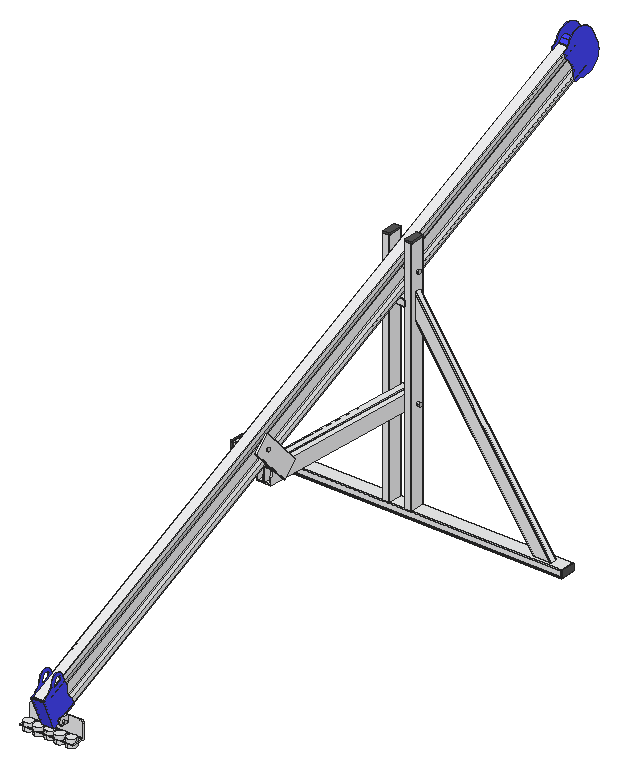
Revit family "FallProtection_RopeAccessNeedle_Kattsafe_1200AFrame", category Specialty Equipment, Revit 2025
Family settings
  Round Connector Dimension = Use Diameter
  Part Type = Normal
  OmniClass Number = 23.27.71.21
  Work Plane-Based = No
  Enable Cutting in Views = No
  Always vertical = Yes
  Cut with Voids When Loaded = No
  Maintain Annotation Orientation = No
  Shared = No
  Room Calculation Point = No
Parameters (values of type "1200 Cantilever - Horizontal Trolley (OH412.1200 + OH448A)")
  Uniclass2015Version = "Products v1.23"
  Uniclass2015Title = "Davit arms"
  Uniclass2015Code = "Pr_40_70_75_21"
  URL = "https://kattsafe.com.au/"
  Type IFC Predefined Type = "USERDEFINED"
  Type Comments = "1200mm A-Frame - 1200mm Extension - Horizontal Trolley Rear Attachment"
  TrolleyAlignOffset = 15 mm
  SafetyDisclaimer [instance] = "WARNING! The correct placement of access, fall protection and facade maintenance systems is critical to ensure it is fit-for-purpose and safe for the operator to use. Did you know Kattsafe® have a dedicated team of Height Safety System Design Specialists? Kattsafe® provide one-on-one consultation and system design assistance to ensure you are meeting the stringent requirements of height safety and to give you PEACE OF MIND with your project."  # constant formula
  RearMemberFixingPointCalc = RearBeamHeight / 2 - 20 mm  # 70 mm
  RearBeamWidth = if(ExtendableBoom, 70 mm, 60 mm)  # 60 mm
  RearBeamHeight = if(ExtendableBoom, 190 mm, 180 mm)  # 180 mm
  RearBeamAngledHeightCalc = RearBeamHeight - 20 mm  # 160 mm
  RearAttachmentType = Rearattachment_Kattsafe_Needle : Horizontal Trolley (OH448A)
  ModifiedIssue = 20240430
  Model = "OH412.12 + OH448A"
  Material = Aluminum_Kattsafe_Satin
  ManufacturerURLProductSpecific = "https://kattsafe.com.au/products/davits-needles/needles"
  ManufacturerSpecCode = Model  # "OH412.12 + OH448A"
  ManufacturerOverallWidth = 1817 mm  # constant formula
  ManufacturerHeightFromFFL [instance] = 0 mm
  Manufacturer = "Kattsafe®"  # constant formula
  MainBoomCenterExtension = if([1500Extension], 1045 mm, if([1800Extension], 1225 mm, 0 mm))  # 0 mm
  IfcExportType = "USERDEFINED"
  IfcExportAs = "IfcBuildingElementProxyType"
  NeedleFullyRetracted [instance] = not(NeedleFullyExtended)  # yes
  NeedleFullyExtended [instance] = no
  FramePinHeight = 1206 mm  # constant formula
  RearFixingHeight = 42 mm
  ExtendedBraceLengthCalc = if(1 = 1, BraceLength - 50 mm, 0 mm)  # 950 mm
  ExtendableBoom = not([1200Extension])  # no
  Export Type to IFC As = "IfcBuildingElementProxyType"
  ElementType = "Fall Protection"
  DesiredHeightOffset [instance] = 1206 mm
  DesiredBackspanLength [instance] = 2400 mm
  Description = "Kattsafe needles are designed for rope access on roofs where the load needs to be spread to avoid damaging the roof area, and for roofs with no parapets."  # constant formula
  Default Elevation = 0 mm
  CreatedByURL = "https://igsgroup.com.au"
  CreatedBy = "IGS BIM Solutions"  # constant formula
  CantileverSizeSelector = 1
  BracePinHeight = 512 mm  # constant formula
  BraceLength = if([1500Extension], 1200 mm, if([1800Extension], 1500 mm, 1000 mm))  # 1000 mm
  Assembly Code = "E1090100"
  ActualHeightOffset [instance] = if(DesiredHeightOffset < RearFixingHeight + (RearBeamHeight / 2), RearFixingHeight + (RearBeamHeight / 2), DesiredHeightOffset)  # 1206 mm
  ActualCantileverLength [instance] = if([1200Extension], 1330 mm, if(and([1500Extension], NeedleFullyRetracted), 1340 mm, if(and([1500Extension], NeedleFullyExtended), 1590 mm, if(and([1800Extension], NeedleFullyRetracted), 1570 mm, 1820 mm))))  # 1330 mm
  ActualBackspanLength [instance] = if(DesiredBackspanLength < ActualCantileverLength * 1.5, ActualCantileverLength * 1.5, if(DesiredBackspanLength > 6000 mm, 6000 mm, DesiredBackspanLength))  # 2400 mm
  1800Extension = CantileverSizeSelector > 2  # no
  1500Extension = CantileverSizeSelector = 2  # no
  1200Extension = CantileverSizeSelector < 2  # yes
Reference planes
  plane 1 "Center (Front/Back)": y = 0
  plane 2 "Ref. Level": z = 0
  plane 3 "Center (Left/Right)": x = 0
  plane 4 "Left": x = -908.5
  plane 5 "Right": x = 908.5
  plane 6 "FrameBottom": z = 0
  plane 7 "PivotCentre": z = 1206
  plane 8 "ActualHeightOffset": z = 0
  plane 9 "DesiredBackspan": y = -2400
  plane 10 "ActualBackspan": y = -2400
  plane 11 "RearFixingPoint": z = 42
  plane 12 "RearMountAlignVertical": z = 0
  plane 13 "StandFront": y = 40
  plane 14 "StandBack": y = -40
  plane 15 "BaseTop": z = 44.5
  plane 16 "BaseBtm": z = 6
  plane 17 "LeftVertical1": x = -79.5
  plane 18 "LeftVertical2": x = -41
  plane 19 "RightVertical1": x = 41
  plane 20 "RightVertical2": x = 79.5
  plane 21 "FrameTop1": z = 1071
  plane 22 "FrameBottom1": z = 1032.5
  plane 23 "FrameTopOffset": z = 1356.5
  plane 24 "FrameTop": z = 1365
  plane 25 "BracePin": z = 556.5
  plane 26 "LeftFrameOffset": x = -900
  plane 27 "RightFrameOffset": x = 900
  plane 28 "Ref": z = 961
  plane 29 "BottomReference": z = -5
  plane 30 "RearMountAlignHorizontal": y = -2385
Forms (mm)
  Extrusion 1, solid, material "Aluminum_Kattsafe_Satin" <- "Material"
    sketch origin (94.8, 0, 0) x (0, -1, 0) y (0, 0, 1)
      loop
        arc (-37, 44.5) -> (-39.121, 43.621) -> (-40, 41.5) r 3
        line (-40, 41.5) -> (-40, 9)
        arc (-40, 9) -> (-39.121, 6.879) -> (-37, 6) r 3
        line (-37, 6) -> (37, 6)
        arc (37, 6) -> (39.121, 6.879) -> (40, 9) r 3
        line (40, 9) -> (40, 41.5)
        arc (40, 41.5) -> (39.121, 43.621) -> (37, 44.5) r 3
        line (37, 44.5) -> (-37, 44.5)
    from -805.2 to 994.8
  Extrusion 2, solid, material "Plastic_Kattsafe_Black"
    sketch origin (-255.75, 154.25, 0) x (0, 1, 0) y (0, 0, -1)
      loop
        arc (-117.25, -44.5) -> (-115.129, -43.621) -> (-114.25, -41.5) r 3
        line (-114.25, -41.5) -> (-114.25, -9)
        arc (-114.25, -9) -> (-115.129, -6.879) -> (-117.25, -6) r 3
        line (-117.25, -6) -> (-191.25, -6)
        arc (-191.25, -6) -> (-193.371, -6.879) -> (-194.25, -9) r 3
        line (-194.25, -9) -> (-194.25, -41.5)
        arc (-194.25, -41.5) -> (-193.371, -43.621) -> (-191.25, -44.5) r 3
        line (-191.25, -44.5) -> (-117.25, -44.5)
    from 644.25 to 652.75
  Extrusion 3, solid, material "Rubber_Kattsafe_Black"
    sketch origin (0, 0, 0) x (1, 0, 0) y (0, 1, 0)
      loop
        line (900, 37.5) -> (-900, 37.5) -> (-900, -37.5) -> (900, -37.5) -> (900, 37.5)
    from 0 to 6
  Extrusion 4, solid, material "Aluminum_Kattsafe_Satin" <- "Material"
    sketch origin (94.8, 0, 200) x (0, -1, 0) y (0, 0, 1)
      loop
        arc (-37, 871) -> (-39.121, 870.121) -> (-40, 868) r 3
        line (-40, 868) -> (-40, 835.5)
        arc (-40, 835.5) -> (-39.121, 833.379) -> (-37, 832.5) r 3
        line (-37, 832.5) -> (37, 832.5)
        arc (37, 832.5) -> (39.121, 833.379) -> (40, 835.5) r 3
        line (40, 835.5) -> (40, 868)
        arc (40, 868) -> (39.121, 870.121) -> (37, 871) r 3
        line (37, 871) -> (-37, 871)
    from 53.8 to 135.8
  Extrusion 5, solid, material "Steel_Stainless_Kattsafe_Satin"
    sketch origin (0, 0, 0) x (0, 1, 0) y (0, 0, 1)
      loop
        circle (0, 1206) r 8
    from -94 to 94
  Extrusion 6, solid, material "Aluminum_Kattsafe_Satin" <- "Material"
    sketch origin (525.25, 0, 620.05) x (-1, 0, 0) y (0, -1, 0)
      loop
        line (604.75, -37) -> (604.75, 37)
        arc (604.75, 37) -> (603.871, 39.121) -> (601.75, 40) r 3
        line (601.75, 40) -> (569.25, 40)
        arc (569.25, 40) -> (567.129, 39.121) -> (566.25, 37) r 3
        line (566.25, 37) -> (566.25, -37)
        arc (566.25, -37) -> (567.129, -39.121) -> (569.25, -40) r 3
        line (569.25, -40) -> (601.75, -40)
        arc (601.75, -40) -> (603.871, -39.121) -> (604.75, -37) r 3
      loop
        arc (445.75, -37) -> (446.629, -39.121) -> (448.75, -40) r 3
        line (448.75, -40) -> (481.25, -40)
        arc (481.25, -40) -> (483.371, -39.121) -> (484.25, -37) r 3
        line (484.25, -37) -> (484.25, 37)
        arc (484.25, 37) -> (483.371, 39.121) -> (481.25, 40) r 3
        line (481.25, 40) -> (448.75, 40)
        arc (448.75, 40) -> (446.629, 39.121) -> (445.75, 37) r 3
        line (445.75, 37) -> (445.75, -37)
    from -575.55 to 736.45
  Extrusion 7, solid, material "Plastic_Kattsafe_Black"
    sketch origin (525.25, 0, 645.05) x (-1, 0, 0) y (0, -1, 0)
      loop
        line (604.75, -37) -> (604.75, 37)
        arc (604.75, 37) -> (603.871, 39.121) -> (601.75, 40) r 3
        line (601.75, 40) -> (569.25, 40)
        arc (569.25, 40) -> (567.129, 39.121) -> (566.25, 37) r 3
        line (566.25, 37) -> (566.25, -37)
        arc (566.25, -37) -> (567.129, -39.121) -> (569.25, -40) r 3
        line (569.25, -40) -> (601.75, -40)
        arc (601.75, -40) -> (603.871, -39.121) -> (604.75, -37) r 3
      loop
        arc (445.75, -37) -> (446.629, -39.121) -> (448.75, -40) r 3
        line (448.75, -40) -> (481.25, -40)
        arc (481.25, -40) -> (483.371, -39.121) -> (484.25, -37) r 3
        line (484.25, -37) -> (484.25, 37)
        arc (484.25, 37) -> (483.371, 39.121) -> (481.25, 40) r 3
        line (481.25, 40) -> (448.75, 40)
        arc (448.75, 40) -> (446.629, 39.121) -> (445.75, 37) r 3
        line (445.75, 37) -> (445.75, -37)
    from 711.45 to 719.95
  Extrusion 8, void
    sketch origin (0, 0, 0) x (0, 1, 0) y (0, 0, 1)
      loop
        circle (0, 1206) r 9
      loop
        circle (0, 556.5) r 9
    from -79.5 to 79.5
  Extrusion 9, solid, material "Plastic_Kattsafe_Black"
    sketch origin (255.75, 154.25, 0) x (0, 1, 0) y (0, 0, 1)
      loop
        line (-117.25, 44.5) -> (-191.25, 44.5)
        arc (-191.25, 44.5) -> (-193.371, 43.621) -> (-194.25, 41.5) r 3
        line (-194.25, 41.5) -> (-194.25, 9)
        arc (-194.25, 9) -> (-193.371, 6.879) -> (-191.25, 6) r 3
        line (-191.25, 6) -> (-117.25, 6)
        arc (-117.25, 6) -> (-115.129, 6.879) -> (-114.25, 9) r 3
        line (-114.25, 9) -> (-114.25, 41.5)
        arc (-114.25, 41.5) -> (-115.129, 43.621) -> (-117.25, 44.5) r 3
    from 644.25 to 652.75
  Sweep 10, solid, material "Aluminum_Kattsafe_Satin" <- "Material"
    path origin (8.1, 0, 0) x (1, 0, 0) y (0, 0, 1)
      loop
        line (-11.081, 1083.287) -> (-773.108, -5)
    profile origin (-383.994, 0, 539.144) x (0.819152, 0, -0.573576) y (0, -1, 0)
      loop
        arc (-3, -19.25) -> (-0.879, -18.371) -> (0, -16.25) r 3
        line (0, -16.25) -> (0, 16.25)
        arc (0, 16.25) -> (-0.879, 18.371) -> (-3, 19.25) r 3
        line (-3, 19.25) -> (-77, 19.25)
        arc (-77, 19.25) -> (-79.121, 18.371) -> (-80, 16.25) r 3
        line (-80, 16.25) -> (-80, -16.25)
        arc (-80, -16.25) -> (-79.121, -18.371) -> (-77, -19.25) r 3
        line (-77, -19.25) -> (-3, -19.25)
  Sweep 11, solid, material "Aluminum_Kattsafe_Satin" <- "Material"
    path origin (-8.1, 0, 0) x (-1, 0, 0) y (0, 0, 1)
      loop
        line (-10.265, 1084.452) -> (-773.108, -5)
    profile origin (383.587, 0, 539.726) x (0.819152, 0, 0.573576) y (0, -1, 0)
      loop
        line (3, -19.25) -> (77, -19.25)
        arc (77, -19.25) -> (79.121, -18.371) -> (80, -16.25) r 3
        line (80, -16.25) -> (80, 16.25)
        arc (80, 16.25) -> (79.121, 18.371) -> (77, 19.25) r 3
        line (77, 19.25) -> (3, 19.25)
        arc (3, 19.25) -> (0.879, 18.371) -> (0, 16.25) r 3
        line (0, 16.25) -> (0, -16.25)
        arc (0, -16.25) -> (0.879, -18.371) -> (3, -19.25) r 3
  Extrusion 12, void
    sketch origin (0, 0, 0) x (1, 0, 0) y (0, 0, 1)
      loop
        line (-900, 44.5) -> (-900, 0) -> (900, 0) -> (900, 44.5) -> (-900, 44.5)
    from -40 to 40
  Extrusion 13, void
    sketch origin (0, 0, 0) x (1, 0, 0) y (0, 1, 0)
      loop
        line (-79.5, 40) -> (-79.5, -40) -> (79.5, -40) -> (79.5, 40) -> (-79.5, 40)
    from 961 to 1206
  Extrusion 14, void
    sketch origin (0, 0, 0) x (1, 0, 0) y (0, 1, 0)
      loop
        line (-900, 40) -> (-900, -40) -> (900, -40) -> (900, 40) -> (-900, 40)
    from -5 to 44.5
Cuts and joins
  Extrusion 8 cuts Extrusion 6
  Extrusion 12, Extrusion 13, Extrusion 14 cuts Sweep 11
  Extrusion 12, Extrusion 13, Extrusion 14 cuts Sweep 10
Lines and regions (mm)
  Masking region 1
    outline origin (0, 0, 0) x (1, 0, 0) y (0, 1, 0)
      loop
        line (-908.5, -40) -> (-30, -40) -> (-30, 40) -> (-908.5, 40) -> (-908.5, -40)
      loop
        line (908.5, 40) -> (30, 40) -> (30, -40) -> (908.5, -40) -> (908.5, 40)
  Masking region 2
    outline origin (0, 0, 0) x (1, 0, 0) y (0, 1, 0)
      loop
        line (-30, 0) -> (-30, -2496.079) -> (30, -2496.079) -> (30, 0) -> (-30, 0)
  Masking region 3
    outline origin (704.8, 675.2, 0) x (1, 0, 0) y (0, 1, 0)
      loop
        line (-734.8, 536.301) -> (-734.8, -675.2) -> (-674.8, -675.2) -> (-674.8, 536.301) -> (-734.8, 536.301)
  Masking region 4, detail levels medium+fine
    outline origin (0, 25.955, 0) x (1, 0, 0) y (0, 1, 0)
      loop
        line (-35.45, 1252.546) -> (-35.45, 1062.546) -> (-30, 1062.546) -> (-30, 1252.546) -> (-35.45, 1252.546)
      loop
        line (35.3, 1252.546) -> (30, 1252.546) -> (30, 1062.546) -> (35.3, 1062.546) -> (35.3, 1252.546)
  Masking region 5
    outline origin (0, 0, 0) x (1, 0, 0) y (0, 1, 0)
      loop
        line (-30, -2354.079) -> (-34, -2354.079) -> (-34, -2504.079) -> (34, -2504.079) -> (34, -2354.079) -> (30, -2354.079) -> (30, -2500.285) -> (-30, -2500.285) -> (-30, -2354.079)
  symbolic lines, style "Fall Arrest Systems"
    curve 1: line (-79.5, 40, 0) -> (-79.5, -40, 0)
    curve 2: line (-41, -40, 0) -> (-41, 40, 0)
    curve 3: line (41, -40, 0) -> (41, 40, 0)
    curve 4: line (79.5, 40, 0) -> (79.5, -40, 0)
    curve 16: line (-900, 40, 0) -> (-900, -40, 0)
    curve 17: line (900, 40, 0) -> (900, -40, 0)
  reference lines
    curve 5: line (0, 28.883, 1142.237) -> (0, 0, 1206)
    curve 6: line (0, 28.883, 1142.237) -> (0, -2400, 42)
    curve 7: line (0, -2400, 42) -> (0, -2409.273, 62.47)
    curve 8: line (0, 0, 1206) -> (0, 1211.501, 1754.786)
    curve 9: line (0, 1211.501, 1754.786) -> (0, 1201.185, 1777.559)
    curve 10: line (0, 0, 1206) -> (0, -12.379, 1233.327)
    curve 12: line (0, -2400, 42) -> (0, -2430.06, 28.384)
    curve 13: line (0, -2430.06, 28.384) -> (0, -2496.079, 174.128)
    curve 14: line (0, 0, 556.5) -> (0, -949.182, 595.905)
    curve 15: line (0, 0, 556.5) -> (0, 1.244, 586.474)
  symbolic lines, style "Fall Arrest Systems", visible <- "ExtendableBoom"
    curve 11: line (-35, 0, 0) -> (35, 0, 0)
Text (mm)
  text "Disclaimer:\nDue to ongoing product development and manufacturing \nevolution, product details are subject to change without \nnotice. Please refer to product technical data sheets on \nthe manufacturers website for the most current product \ninformation. Please allow a +/- 5mm manufacturing \ntolerance for dimensions and set-outs shown in product \nliterature." at (1592.109, -111.005, 0), in view "Ref. Level"
Dimensions and locks
  equal spacing: plane 4 "Left", plane 3 "Center (Left/Right)", plane 5 "Right"
  "ManufacturerOverallWidth": plane 4 "Left" to plane 5 "Right"
  "ManufacturerHeightFromFFL": plane 6 "FrameBottom" to plane 2 "Ref. Level"
  "FramePinHeight": plane 6 "FrameBottom" to plane 7 "PivotCentre"
  "RearFixingHeight": plane 11 "RearFixingPoint" to plane 8 "ActualHeightOffset"
  "ActualBackspanLength": plane 1 "Center (Front/Back)" to plane 10 "ActualBackspan"
  "ActualHeightOffset": plane 7 "PivotCentre" to plane 8 "ActualHeightOffset"
  "DesiredBackspanLength": plane 1 "Center (Front/Back)" to plane 9 "DesiredBackspan"
  "DesiredHeightOffset": plane 7 "PivotCentre" to plane 12 "RearMountAlignVertical"
  Masking region 2 sketch curve to plane 10 "ActualBackspan" = 96.079 mm
  plane 14 "StandBack" to plane 1 "Center (Front/Back)" to plane 13 "StandFront" = 40 mm locked, 40 mm locked
  locked: plane 16 "BaseBtm" to plane 6 "FrameBottom" at 6
  locked: plane 15 "BaseTop" to plane 16 "BaseBtm" at 38.5
  plane 17 "LeftVertical1" to plane 18 "LeftVertical2" to plane 3 "Center (Left/Right)" = 38.5 mm locked, 41 mm locked
  plane 3 "Center (Left/Right)" to plane 19 "RightVertical1" to plane 20 "RightVertical2" = 41 mm locked, 38.5 mm locked
  locked: plane 22 "FrameBottom1" to plane 21 "FrameTop1" at 38.5
  locked: plane 15 "BaseTop" to plane 22 "FrameBottom1" at 988
  locked: plane 23 "FrameTopOffset" to plane 24 "FrameTop" at 8.5
  locked: plane 15 "BaseTop" to plane 23 "FrameTopOffset" at 1312
  "RearMemberFixingPointCalc": curve 6 to curve 8
  "ActualCantileverLength": plane 7 "PivotCentre" to curve 9
  equal spacing: Masking region 2 sketch curve, plane 3 "Center (Left/Right)", Masking region 2 sketch curve
  "RearBeamWidth": Masking region 2 sketch curve to Masking region 2 sketch curve
  locked: Masking region 3 sketch curve to Masking region 3 sketch curve at 60
  equal spacing: Masking region 3 sketch curve, plane 3 "Center (Left/Right)", Masking region 3 sketch curve
  Masking region 4 sketch curve to Masking region 4 sketch curve = 190 mm
  "MainBoomCenterExtension": curve 5 to curve 10
  locked: curve 9 to Masking region 4 sketch curve at 67
  equal spacing: Masking region 1 sketch curve, plane 3 "Center (Left/Right)", Masking region 1 sketch curve
  "RearBeamWidth": Masking region 1 sketch curve to Masking region 1 sketch curve
  locked: curve 13 to curve 7 at 33
  "RearBeamAngledHeightCalc": curve 13 to curve 13
  locked: Masking region 5 sketch curve to Masking region 5 sketch curve at 150
  locked: Masking region 5 sketch curve to Masking region 5 sketch curve at 3.794
  locked: Masking region 5 sketch curve to Masking region 5 sketch curve at 4  (x2)
  equal spacing: Masking region 5 sketch curve, plane 3 "Center (Left/Right)", Masking region 5 sketch curve
  "RearBeamWidth": Masking region 5 sketch curve to Masking region 5 sketch curve
  locked: curve 13 to Masking region 5 sketch curve at 8
  "BracePinHeight": plane 25 "BracePin" to plane 15 "BaseTop"
  "ExtendedBraceLengthCalc": curve 14 to curve 14
  locked: curve 8 to curve 14 at 164.084
  locked: plane 4 "Left" to plane 26 "LeftFrameOffset" at 8.5
  locked: plane 27 "RightFrameOffset" to plane 5 "Right" at 8.5
  locked: plane 21 "FrameTop1" to plane 28 "Ref" at 110
  locked: plane 6 "FrameBottom" to plane 29 "BottomReference" at 5
  locked: Sweep 11 sketch curve to plane 21 "FrameTop1" at 13.452
  locked: Sweep 10 sketch curve to plane 21 "FrameTop1" at 12.287
  "TrolleyAlignOffset": plane 30 "RearMountAlignHorizontal" to plane 10 "ActualBackspan"
  radius of Extrusion 1 sketch curve = 3 mm  (x4)
  radius of Extrusion 2 sketch curve = 3 mm  (x4)
  radius of Extrusion 4 sketch curve = 3 mm  (x4)
  radius of Extrusion 5 sketch curve = 8 mm
  radius of Extrusion 6 sketch curve = 3 mm  (x7)
  radius of Extrusion 7 sketch curve = 3 mm  (x7)
  radius of Extrusion 8 sketch curve = 9 mm
  radius of Extrusion 9 sketch curve = 3 mm  (x4)
  locked: curve 6 to curve 5 (angle 90.00°)
  locked: curve 7 to curve 6 (angle 90.00°)
  locked: curve 8 to curve 5 (angle 90.00°)
  locked: curve 8 to curve 9 (angle 90.00°)
  locked: curve 8 to curve 10 (angle 90.00°)
  locked: curve 12 to curve 7 (angle 90.00°)
  locked: curve 13 to curve 12 (angle 90.00°)
  locked: curve 14 to curve 15 (angle 90.00°)
  locked: plane 6 "FrameBottom" to Sweep 10 sketch curve (angle 55.00°)
  locked: Sweep 11 sketch curve to plane 6 "FrameBottom" (angle 55.00°)
  aligned and locked: level to plane 2 "Ref. Level"
  aligned and locked: Masking region 1 sketch curve to plane 5 "Right"
  aligned and locked: plane 4 "Left" to Masking region 1 sketch curve
  aligned and locked: Masking region 1 to Masking region 1  (x2)
  aligned and locked: Masking region 1 to curve 1  (x2)
  aligned and locked: Masking region 1 to curve 2  (x2)
  aligned and locked: Masking region 1 to curve 3
  aligned and locked: Masking region 1 to curve 4
  aligned and locked: curve 3 to Masking region 1
  aligned and locked: Extrusion 1 sketch curve to plane 13 "StandFront"
  aligned and locked: plane 14 "StandBack" to Extrusion 1 sketch curve
  aligned and locked: plane 15 "BaseTop" to Extrusion 1 sketch curve
  aligned and locked: Extrusion 1 sketch curve to plane 16 "BaseBtm"
  aligned and locked: Extrusion 2 sketch curve to plane 16 "BaseBtm"
  aligned and locked: plane 15 "BaseTop" to Extrusion 2 sketch curve
  aligned and locked: Extrusion 3 to plane 16 "BaseBtm"
  aligned and locked: Extrusion 3 to plane 6 "FrameBottom"
  aligned and locked: plane 21 "FrameTop1" to Extrusion 4 sketch curve
  aligned and locked: Extrusion 4 sketch curve to plane 22 "FrameBottom1"
  aligned and locked: Extrusion 4 sketch curve to plane 13 "StandFront"
  aligned and locked: plane 14 "StandBack" to Extrusion 4 sketch curve
  aligned and locked: Extrusion 4 to plane 18 "LeftVertical2"
  aligned and locked: plane 19 "RightVertical1" to Extrusion 4
  aligned and locked: plane 7 "PivotCentre" to Extrusion 5 sketch curve
  aligned and locked: plane 1 "Center (Front/Back)" to Extrusion 5 sketch curve
  aligned and locked: plane 13 "StandFront" to Extrusion 6 sketch curve
  aligned and locked: Extrusion 6 sketch curve to plane 14 "StandBack"
  aligned and locked: Extrusion 6 sketch curve to plane 17 "LeftVertical1"
  aligned and locked: plane 18 "LeftVertical2" to Extrusion 6 sketch curve
  aligned and locked: Extrusion 6 sketch curve to plane 20 "RightVertical2"
  aligned and locked: plane 19 "RightVertical1" to Extrusion 6 sketch curve
  aligned and locked: Extrusion 6 sketch curve to plane 13 "StandFront"
  aligned and locked: plane 14 "StandBack" to Extrusion 6 sketch curve
  aligned and locked: plane 15 "BaseTop" to Extrusion 6
  aligned and locked: Extrusion 6 to plane 23 "FrameTopOffset"
  aligned and locked: plane 23 "FrameTopOffset" to Extrusion 7
  aligned and locked: plane 18 "LeftVertical2" to Extrusion 7 sketch curve
  aligned and locked: Extrusion 7 sketch curve to plane 17 "LeftVertical1"
  aligned and locked: plane 19 "RightVertical1" to Extrusion 7 sketch curve
  aligned and locked: Extrusion 7 sketch curve to plane 20 "RightVertical2"
  aligned and locked: Extrusion 7 sketch curve to plane 13 "StandFront"
  aligned and locked: plane 13 "StandFront" to Extrusion 7 sketch curve
  aligned and locked: plane 14 "StandBack" to Extrusion 7 sketch curve
  aligned and locked: Extrusion 7 sketch curve to plane 14 "StandBack"
  aligned and locked: plane 1 "Center (Front/Back)" to Extrusion 8 sketch curve  (x2)
  aligned and locked: plane 7 "PivotCentre" to Extrusion 8 sketch curve
  aligned and locked: Extrusion 8 to plane 17 "LeftVertical1"
  aligned and locked: plane 20 "RightVertical2" to Extrusion 8
  aligned and locked: Extrusion 7 to plane 24 "FrameTop"
  aligned and locked: nested 1 to curve 6
  aligned and locked: curve 7 to plane 10 "ActualBackspan"
  aligned and locked: plane 10 "ActualBackspan" to nested 2
  aligned and locked: nested 2 to plane 3 "Center (Left/Right)"
  aligned and locked: nested 1 to curve 9
  aligned and locked: nested 1 to curve 7
  aligned and locked: plane 8 "ActualHeightOffset" to nested 2
  aligned and locked: Masking region 4 sketch curve to Masking region 4 sketch curve  (x2)
  aligned and locked: Masking region 2 sketch curve to curve 10
  aligned and locked: Masking region 3 sketch curve to curve 9
  aligned and locked: Masking region 3 to curve 10
  aligned and locked: curve 11 to curve 10
  aligned and locked: Masking region 2 to curve 13
  aligned and locked: Masking region 5 sketch curve to Masking region 5 sketch curve
  aligned and locked: plane 1 "Center (Front/Back)" to curve 14
  aligned and locked: plane 25 "BracePin" to curve 14
  aligned and locked: nested 3 to curve 15
  aligned and locked: plane 7 "PivotCentre" to curve 8
  aligned and locked: plane 1 "Center (Front/Back)" to curve 8
  aligned and locked: plane 14 "StandBack" to Extrusion 2 sketch curve
  aligned and locked: Extrusion 2 sketch curve to plane 13 "StandFront"
  aligned and locked: Extrusion 2 to plane 4 "Left"
  aligned and locked: Extrusion 3 sketch curve to plane 26 "LeftFrameOffset"
  aligned and locked: Extrusion 3 sketch curve to plane 27 "RightFrameOffset"
  aligned and locked: plane 13 "StandFront" to curve 16
  aligned and locked: plane 14 "StandBack" to curve 16
  aligned and locked: curve 17 to plane 14 "StandBack"
  aligned and locked: curve 17 to plane 13 "StandFront"
  aligned and locked: curve 17 to plane 27 "RightFrameOffset"
  aligned and locked: curve 16 to plane 26 "LeftFrameOffset"
  aligned and locked: plane 27 "RightFrameOffset" to Extrusion 1
  aligned and locked: Extrusion 1 to plane 26 "LeftFrameOffset"
  aligned and locked: plane 25 "BracePin" to Extrusion 8 sketch curve
  aligned and locked: plane 26 "LeftFrameOffset" to Extrusion 2
  aligned and locked: plane 15 "BaseTop" to Extrusion 9 sketch curve
  aligned and locked: Extrusion 9 sketch curve to plane 16 "BaseBtm"
  aligned and locked: plane 14 "StandBack" to Extrusion 9 sketch curve
  aligned and locked: Extrusion 9 sketch curve to plane 13 "StandFront"
  aligned and locked: Extrusion 9 to plane 27 "RightFrameOffset"
  aligned and locked: plane 5 "Right" to Extrusion 9
  aligned and locked: Extrusion 12 sketch curve to plane 15 "BaseTop"
  aligned and locked: Extrusion 12 sketch curve to plane 27 "RightFrameOffset"
  aligned and locked: plane 26 "LeftFrameOffset" to Extrusion 12 sketch curve
  aligned and locked: plane 6 "FrameBottom" to Extrusion 12 sketch curve
  aligned and locked: Extrusion 12 to plane 13 "StandFront"
  aligned and locked: Extrusion 12 to plane 14 "StandBack"
  aligned and locked: Extrusion 13 sketch curve to plane 13 "StandFront"
  aligned and locked: plane 14 "StandBack" to Extrusion 13 sketch curve
  aligned and locked: plane 17 "LeftVertical1" to Extrusion 13 sketch curve
  aligned and locked: Extrusion 13 sketch curve to plane 20 "RightVertical2"
  aligned and locked: Extrusion 13 to plane 7 "PivotCentre"
  aligned and locked: Extrusion 13 to plane 28 "Ref"
  aligned and locked: plane 29 "BottomReference" to Sweep 11 sketch curve
  aligned and locked: plane 29 "BottomReference" to Sweep 10 sketch curve
  aligned and locked: plane 26 "LeftFrameOffset" to Extrusion 14 sketch curve
  aligned and locked: Extrusion 14 sketch curve to plane 27 "RightFrameOffset"
  aligned and locked: Extrusion 14 sketch curve to plane 14 "StandBack"
  aligned and locked: Extrusion 14 sketch curve to plane 13 "StandFront"
  aligned and locked: Extrusion 14 to plane 29 "BottomReference"
  aligned and locked: Extrusion 14 to plane 15 "BaseTop"
Automatic sketch dimensions
  curve 1 to plane 17 "LeftVertical1" = 0 mm
  curve 2 to plane 18 "LeftVertical2" = 0 mm
  curve 3 to plane 19 "RightVertical1" = 0 mm
  curve 4 to plane 13 "StandFront" = 0 mm
  curve 4 to plane 20 "RightVertical2" = 0 mm
  plane 18 "LeftVertical2" to curve 11 = 6 mm
  curve 11 to plane 19 "RightVertical1" = 6 mm
  plane 14 "StandBack" to Extrusion 3 sketch curve = 2.5 mm
  Extrusion 3 sketch curve to plane 13 "StandFront" = 2.5 mm
  Extrusion 6 sketch curve to Extrusion 6 sketch curve = 3 mm
  Extrusion 7 sketch curve to Extrusion 7 sketch curve = 3 mm
  Masking region 3 sketch curve to Masking region 3 sketch curve = 1211.501 mm
  plane 18 "LeftVertical2" to Masking region 4 sketch curve = 5.55 mm
  Masking region 4 sketch curve to Masking region 4 sketch curve = 5.45 mm
  Masking region 4 sketch curve to plane 19 "RightVertical1" = 11 mm
  Masking region 4 sketch curve to Masking region 4 sketch curve = 5.3 mm
  Sweep 10 sketch curve to profile plane = 0 mm
  Sweep 10 sketch curve to Sweep 10 sketch curve = 3 mm  (x3)
  Sweep 10 sketch curve to plane 1 "Center (Front/Back)" = 16.25 mm
  Sweep 10 sketch curve to Sweep 10 sketch curve = 74 mm
  plane 1 "Center (Front/Back)" to Sweep 10 sketch curve = 16.25 mm
  Sweep 10 sketch curve to Sweep 10 sketch curve = 0 mm
  Sweep 11 sketch curve to profile plane = 0 mm
  Sweep 11 sketch curve to profile plane = 3 mm
  Sweep 11 sketch curve to Sweep 11 sketch curve = 3 mm  (x2)
  plane 1 "Center (Front/Back)" to Sweep 11 sketch curve = 16.25 mm
  Sweep 11 sketch curve to Sweep 11 sketch curve = 74 mm
  Sweep 11 sketch curve to plane 1 "Center (Front/Back)" = 16.25 mm
  Sweep 11 sketch curve to Sweep 11 sketch curve = 0 mm
  plane 27 "RightFrameOffset" to Sweep 11 sketch curve = 134.992 mm
  plane 26 "LeftFrameOffset" to Sweep 10 sketch curve = 134.992 mm
  plane 11 "RearFixingPoint" to curve 12 = 0 mm
  Masking region 1 sketch curve to plane 14 "StandBack" = 0 mm  (x2)
  Masking region 1 sketch curve to plane 13 "StandFront" = 0 mm  (x2)
  radius of Extrusion 8 sketch curve = 9 mm
Nested families
  nested 1: "Z_Fallprotection_Kattsafe_Needle_Boomextendable" at (0, 34.158, 1144.626) x (1, 0, 0) z (0, -0.4126, 0.9109), type "Type 1"
    with ExtensionLengthCalc 4029.458 mm, CantileverLength 1324.21 mm, BackspanLength 2672.248 mm
  nested 2: "Rearattachment_Kattsafe_Needle" at (0, -2400, 0), type <- "RearAttachmentType", Material <- "Material", type "Horizontal Trolley (OH448A)"
    with Material Aluminum_Kattsafe_Satin
  nested 3: "Z_Fallprotection_Kattsafe_Needle_Brace" at (0, 0, 556.5) x (0, -0.9991, 0.0415) z (0, 0.0415, 0.9991), Length <- "BraceLength", type "Type 1"
    with Length 1000 mm
Definition of nested family "Z_Fallprotection_Kattsafe_Needle_Boomextendable"
  Parameters (values of type "Type 1")
    URL = "https://kattsafe.com.au/"
    Material = none
    Manufacturer = "SAYFA"  # constant formula
    MainBoomCenterOffsetCalc = 0 mm
    ExtensionLengthCalc [instance] = if(ExtendableBoom, CantileverLength - MainBoomCenterOffsetCalc, CantileverLength + BackspanLength + 33 mm)  # 4806.654 mm
    ExtensionBoomBtmOffset = if(ExtendableBoom, 15 mm, 20 mm)  # 20 mm
    ExtendableBoom = no
    EndHeight = if(ExtendableBoom, 190 mm, 180 mm)  # 180 mm
    EndHalfHeightCalc = if(1 = 1, EndHeight / 2, 0 mm)  # 90 mm
    EndDepthCalc = if(ExtendableBoom, 70 mm, 60 mm)  # 60 mm
    Default Elevation = 1219.2 mm
    CreatedByURL = "https://igsgroup.com.au"
    CreatedBy = "IGS BIM Solutions"  # constant formula
    CantileverLength [instance] = 1265 mm
    BackspanLength [instance] = 3508.654 mm
  Reference planes
    plane 1 "Center (Front/Back)": y = 0
    plane 2: z = 0
    plane 3 "Center (Left/Right)": x = 0
    plane 4: y = 1233
    plane 5: y = -3541.654
    plane 6: y = 1178
    plane 7: y = 1332.005
    plane 8 "CantileverEnd": y = 1265
    plane 9: y = -3508.654
    plane 10 "ExtensionEnd": y = -3541.654
    plane 11: y = 0
    plane 12: x = -30
    plane 13: x = 30
    plane 14: x = -34
    plane 15: x = 34
    plane 16 "ExtensionBoomBtm": z = -20
    plane 17 "ExtensionCenter": z = 70
    plane 18: z = 160
    plane 19 "RearBoomBtm": z = -20
    plane 20: x = -30
    plane 21: x = 30
    plane 22: x = -34
    plane 23: x = 34
  Forms (mm)
    Extrusion 1, solid
      sketch origin (0, 0, 0) x (1, 0, 0) y (0, 1, 0)
        loop
          line (-1219.2, 1219.2) -> (-1219.2, -1219.2) -> (1219.2, -1219.2) -> (1219.2, 1219.2) -> (-1219.2, 1219.2)
      from 0 to -304.8
    Extrusion 2, solid
      sketch origin (0, 0, 0) x (0, 1, 0) y (0, 0, 1)
        loop
          arc (1239.878, -22.548) -> (1265, 69.681) -> (1240.191, 161.995) r 183
          arc (1240.191, 161.995) -> (1228.129, 172.446) -> (1212.17, 172.53) r 23
          line (1212.17, 172.53) -> (1187.361, 163.502) -> (1184, 163.502) -> (1184, 160) -> (1233, 160) -> (1233, -20) -> (1184, -20) -> (1184, -23.503) -> (1187.361, -23.503) -> (1212.17, -32.531)
          arc (1212.17, -32.531) -> (1227.831, -32.556) -> (1239.878, -22.548) r 23
      from -30 to 30
    Extrusion 3, void
      sketch origin (0, 0, 0) x (1, 0, 0) y (0, 1, 0)
        loop
          line (-30, -3391.654) -> (-30, -3545.654) -> (30, -3545.654) -> (30, -3391.654) -> (-30, -3391.654)
      from -52.349 to 243.511
    Extrusion 4, solid
      sketch origin (0, -0.009, 75) x (0, 1, 0) y (0, 0, 1)
        loop
          arc (-3399.655, 105.006) -> (-3423.343, 138.835) -> (-3463.233, 128.145) r 36
          line (-3463.233, 128.145) -> (-3478.451, 110.008)
          arc (-3478.451, 110.008) -> (-3502.491, 91.559) -> (-3532.076, 85) r 70
          line (-3532.076, 85) -> (-3549.644, 85) -> (-3549.644, -95) -> (-3409.644, -95)
          arc (-3409.644, -95) -> (-3402.573, -92.071) -> (-3399.644, -85) r 10
          line (-3399.644, -85) -> (-3399.644, -55.643)
          arc (-3399.644, -55.643) -> (-3399.857, -53.593) -> (-3400.485, -51.63) r 10
          arc (-3400.485, -51.63) -> (-3410.586, -10.477) -> (-3400.922, 30.78) r 90.842
          arc (-3400.922, 30.78) -> (-3399.977, 33.135) -> (-3399.655, 35.653) r 10
          line (-3399.655, 35.653) -> (-3399.655, 105.006)
        loop
          line (-3450.976, 117.861) -> (-3464.764, 101.427)
          arc (-3464.764, 101.427) -> (-3466.166, 90.773) -> (-3457.103, 85) r 10
          line (-3457.103, 85) -> (-3425.655, 85)
          arc (-3425.655, 85) -> (-3418.584, 87.929) -> (-3415.655, 95) r 10
          line (-3415.655, 95) -> (-3415.655, 105.006)
          arc (-3415.655, 105.006) -> (-3428.815, 123.8) -> (-3450.976, 117.861) r 20
      from -34 to 34
    Extrusion 5, solid
      sketch origin (0, -65, -4.995) x (0, 1, 0) y (0, 0, 1)
        loop
          line (1397.005, 34.379) -> (1397.005, 115.61)
          arc (1397.005, 115.61) -> (1342.009, 197.909) -> (1244.676, 179.916) r 90
          arc (1244.676, 179.916) -> (1235.094, 173.728) -> (1223.896, 171.559) r 30
          line (1223.896, 171.559) -> (1217, 171.559)
          arc (1217, 171.559) -> (1209.929, 168.63) -> (1207, 161.559) r 10
          line (1207, 161.559) -> (1207, 148.246)
          arc (1207, 148.246) -> (1207.657, 142.004) -> (1209.598, 136.035) r 30
          arc (1209.598, 136.035) -> (1222.585, 74.991) -> (1209.605, 13.945) r 150
          arc (1209.605, 13.945) -> (1207.686, 8.078) -> (1207.009, 1.942) r 30
          line (1207.009, 1.942) -> (1207.009, -11.578)
          arc (1207.009, -11.578) -> (1209.908, -18.619) -> (1216.924, -21.578) r 10
          line (1216.924, -21.578) -> (1223.91, -21.578)
          arc (1223.91, -21.578) -> (1235.106, -23.745) -> (1244.684, -29.934) r 30
          arc (1244.684, -29.934) -> (1342.014, -47.917) -> (1397.005, 34.379) r 90
      from -35.45 to 35.3
    Extrusion 6, void
      sketch origin (0, 0, 0) x (1, 0, 0) y (0, 1, 0)
        loop
          line (-30, 1332.005) -> (-30, 1130.687) -> (30, 1130.687) -> (30, 1332.005) -> (-30, 1332.005)
      from -97.27 to 250
    Sweep 7, solid, material <- "Material"
      path origin (0, 0, -20) x (-1, 0, 0) y (0, -1, 0)
        loop
          line (0, -1233) -> (0, 3541.654)
      profile origin (0, -1154.327, -20) x (1, 0, 0) y (0, 0, 1)
        loop
          line (-30, 176) -> (-30, 149.763) -> (-21.749, 127.093)
          arc (-21.749, 127.093) -> (-20.441, 122.211) -> (-20, 117.175) r 29
          line (-20, 117.175) -> (-20, 62.825)
          arc (-20, 62.825) -> (-20.441, 57.789) -> (-21.749, 52.907) r 29
          line (-21.749, 52.907) -> (-30, 30.237) -> (-30, 4)
          arc (-30, 4) -> (-28.828, 1.172) -> (-26, 0) r 4
          line (-26, 0) -> (26, 0)
          arc (26, 0) -> (28.828, 1.172) -> (30, 4) r 4
          line (30, 4) -> (30, 30.237) -> (21.749, 52.907)
          arc (21.749, 52.907) -> (20.441, 57.789) -> (20, 62.825) r 29
          line (20, 62.825) -> (20, 117.175)
          arc (20, 117.175) -> (20.441, 122.211) -> (21.749, 127.093) r 29
          line (21.749, 127.093) -> (30, 149.763) -> (30, 176)
          arc (30, 176) -> (28.828, 178.828) -> (26, 180) r 4
          line (26, 180) -> (-26, 180)
          arc (-26, 180) -> (-28.828, 178.828) -> (-30, 176) r 4
    Sweep 8, solid, material <- "Material", visible <- "ExtendableBoom"
      path origin (100.421, -3788.798, -20) x (0, 1, 0) y (-1, 0, 0)
        loop
          line (3788.798, 100.421) -> (247.144, 100.421)
      profile origin (0, -1770.827, -20) x (1, 0, 0) y (0, 0, 1)
        loop
          line (-25, 122.175) -> (-25, 67.825)
          arc (-25, 67.825) -> (-25.365, 63.657) -> (-26.447, 59.616) r 24
          line (-26.447, 59.616) -> (-35, 36.118) -> (-35, 6)
          arc (-35, 6) -> (-33.243, 1.757) -> (-29, 0) r 6
          line (-29, 0) -> (29, 0)
          arc (29, 0) -> (33.243, 1.757) -> (35, 6) r 6
          line (35, 6) -> (35, 36.118) -> (26.447, 59.616)
          arc (26.447, 59.616) -> (25.365, 63.657) -> (25, 67.825) r 24
          line (25, 67.825) -> (25, 122.175)
          arc (25, 122.175) -> (25.365, 126.343) -> (26.447, 130.384) r 24
          line (26.447, 130.384) -> (35, 153.882) -> (35, 184)
          arc (35, 184) -> (33.243, 188.243) -> (29, 190) r 6
          line (29, 190) -> (-29, 190)
          arc (-29, 190) -> (-33.243, 188.243) -> (-35, 184) r 6
          line (-35, 184) -> (-35, 153.882) -> (-26.447, 130.384)
          arc (-26.447, 130.384) -> (-25.365, 126.343) -> (-25, 122.175) r 24
  Cuts and joins
    Extrusion 3 cuts Extrusion 4
    Extrusion 6 cuts Extrusion 5
  Lines and regions (mm)
    Masking region 1
      outline origin (0, 0, 0) x (1, 0, 0) y (0, 1, 0)
        loop
          line (-20, 1233) -> (-20, 0) -> (29, 0) -> (29, 1233) -> (-20, 1233)
  Dimensions and locks
    plane 7 to plane 4 to plane 6 = 99.005 mm locked, 55 mm locked
    "CantileverLength": plane 8 "CantileverEnd" to plane 1 "Center (Front/Back)"
    "BackspanLength": plane 1 "Center (Front/Back)" to plane 9
    locked: plane 5 to Extrusion 3 sketch curve at 150
    locked: plane 5 to Extrusion 3 sketch curve at 4
    locked: plane 8 "CantileverEnd" to plane 4 at 32
    locked: plane 9 to plane 5 at 33
    "ExtensionLengthCalc": plane 8 "CantileverEnd" to plane 10 "ExtensionEnd"
    "MainBoomCenterOffsetCalc": plane 11 to plane 1 "Center (Front/Back)"
    locked: plane 14 to plane 12 at 4
    locked: plane 13 to plane 15 at 4
    equal spacing: plane 12, plane 3 "Center (Left/Right)", plane 13
    "EndDepthCalc": plane 12 to plane 13
    "ExtensionBoomBtmOffset": plane 16 "ExtensionBoomBtm" to plane 2
    locked: plane 16 "ExtensionBoomBtm" to plane 17 "ExtensionCenter" at 90
    Extrusion 4 sketch curve to Extrusion 4 sketch curve to Extrusion 4 sketch curve = 10 mm locked, 21.449 mm locked
    plane 18 to Extrusion 4 sketch curve to Extrusion 4 sketch curve to Extrusion 4 sketch curve to Extrusion 4 sketch curve = 10 mm locked, 0 mm locked, 10.006 mm locked, 0 mm locked
    "EndHeight": plane 19 "RearBoomBtm" to plane 18
    plane 19 "RearBoomBtm" to Extrusion 4 sketch curve to Extrusion 4 sketch curve = 10 mm locked, 29.357 mm locked
    locked: plane 2 to plane 19 "RearBoomBtm" at 20
    locked: Extrusion 4 sketch curve to plane 18 at 49.347
    equal spacing: plane 20, plane 3 "Center (Left/Right)", plane 21
    locked: plane 22 to plane 20 at 4
    locked: plane 21 to plane 23 at 4
    "EndDepthCalc": plane 20 to plane 21
    locked: Extrusion 2 sketch curve to plane 4 at 32
    Extrusion 2 sketch curve to plane 17 "ExtensionCenter" to Extrusion 2 sketch curve = 80.917 mm locked, 80.917 mm locked
    Extrusion 2 sketch curve to Extrusion 2 sketch curve to plane 17 "ExtensionCenter" to Extrusion 2 sketch curve to Extrusion 2 sketch curve = 3.503 mm locked, 90 mm locked, 90 mm locked, 3.503 mm locked
    plane 4 to Extrusion 2 sketch curve to Extrusion 2 sketch curve = 12.965 mm locked, 0 mm locked
    locked: plane 4 to Extrusion 2 sketch curve at 20.83  (x2)
    Extrusion 5 sketch curve to Extrusion 5 sketch curve to Extrusion 5 sketch curve to Extrusion 5 sketch curve to Extrusion 5 sketch curve to plane 17 "ExtensionCenter" to Extrusion 5 sketch curve to Extrusion 5 sketch curve to Extrusion 5 sketch curve to Extrusion 5 sketch curve to Extrusion 5 sketch curve = 30 mm locked, 10 mm locked, 13.315 mm locked, 33.258 mm locked, 40 mm locked, 40 mm locked, 33.252 mm locked, 13.313 mm locked, 10 mm locked, 30 mm locked
    locked: Extrusion 5 sketch curve to plane 17 "ExtensionCenter" at 0.012
    plane 7 to Extrusion 5 sketch curve to Extrusion 5 sketch curve to Extrusion 5 sketch curve to Extrusion 5 sketch curve to Extrusion 5 sketch curve to Extrusion 5 sketch curve to Extrusion 5 sketch curve to Extrusion 5 sketch curve to Extrusion 5 sketch curve to Extrusion 5 sketch curve = 89.998 mm locked, 0 mm locked, 69.998 mm locked, 0.008 mm locked, 13.091 mm locked, 0.013 mm locked, 6.887 mm locked, 0.009 mm locked, 9.991 mm locked, 0.009 mm locked
    Extrusion 6 sketch curve to Extrusion 6 sketch curve = 60 mm
    Extrusion 6 sketch curve to plane 3 "Center (Left/Right)" to Extrusion 6 sketch curve = 30 mm locked, 30 mm locked
    radius of Extrusion 4 sketch curve = 70 mm
    radius of Extrusion 4 sketch curve = 20 mm
    radius of Extrusion 4 sketch curve = 10 mm  (x5)
    radius of Extrusion 4 sketch curve = 36 mm
    radius of Extrusion 2 sketch curve = 23 mm  (x2)
    radius of Extrusion 2 sketch curve = 183 mm
    radius of Extrusion 5 sketch curve = 90 mm  (x2)
    radius of Extrusion 5 sketch curve = 150 mm
    radius of Extrusion 5 sketch curve = 10 mm  (x2)
    radius of Extrusion 5 sketch curve = 30 mm  (x4)
    aligned and locked: plane 2 to Extrusion 1
    aligned and locked: level to Extrusion 1
    aligned and locked: Extrusion 4 sketch curve to plane 18
    aligned and locked: Extrusion 4 to plane 22
    aligned and locked: plane 23 to Extrusion 4
    aligned and locked: plane 21 to Extrusion 3
    aligned and locked: Extrusion 3 to plane 20
    aligned and locked: Extrusion 2 sketch curve to plane 4
    aligned and locked: Extrusion 5 sketch curve to plane 7
    aligned and locked: Extrusion 6 sketch curve to plane 7
    aligned and locked: plane 4 to Sweep 7 sketch curve
    aligned and locked: Sweep 7 sketch curve to plane 3 "Center (Left/Right)"
    aligned and locked: plane 5 to Sweep 8 sketch curve
    aligned and locked: plane 11 to Sweep 8 sketch curve
    aligned and locked: Sweep 8 sketch curve to plane 3 "Center (Left/Right)"
    aligned and locked: plane 10 "ExtensionEnd" to Sweep 7 sketch curve
  Automatic sketch dimensions
    Extrusion 1 sketch curve to Extrusion 1 sketch curve = 2438.4 mm  (x2)
    Extrusion 2 sketch curve to plane 6 = 6 mm  (x2)
    Extrusion 2 sketch curve to Extrusion 2 sketch curve = 3.362 mm  (x2)
    plane 17 "ExtensionCenter" to Extrusion 2 sketch curve = 0.008 mm
    Extrusion 3 sketch curve to plane 12 = 0 mm
    Extrusion 3 sketch curve to plane 13 = 0 mm
    Extrusion 4 sketch curve to Extrusion 4 sketch curve = 0 mm
    plane 5 to Extrusion 4 sketch curve = 8 mm
    Extrusion 4 sketch curve to plane 5 = 9.568 mm
    Extrusion 4 sketch curve to plane 18 = 25.008 mm
    Extrusion 4 sketch curve to Extrusion 4 sketch curve = 13.687 mm
    Extrusion 4 sketch curve to Extrusion 4 sketch curve = 15.217 mm
    Extrusion 4 sketch curve to Extrusion 4 sketch curve = 7.661 mm
    Extrusion 4 sketch curve to plane 18 = 32.861 mm
    Extrusion 4 sketch curve to Extrusion 4 sketch curve = 0.011 mm
    plane 17 "ExtensionCenter" to Extrusion 4 sketch curve = 4.995 mm
    Extrusion 4 sketch curve to Extrusion 4 sketch curve = 79.898 mm
    Extrusion 4 sketch curve to Extrusion 4 sketch curve = 1.268 mm
    Extrusion 5 sketch curve to plane 6 = 1.676 mm
    Extrusion 5 sketch curve to Extrusion 5 sketch curve = 0.002 mm
    Extrusion 5 sketch curve to Extrusion 5 sketch curve = 0 mm  (x3)
    plane 6 to Extrusion 6 sketch curve = 47.313 mm
    Sweep 8 sketch curve to plane 19 "RearBoomBtm" = 0 mm
    profile plane to Sweep 8 sketch curve = 49 mm  (x2)
    plane 19 "RearBoomBtm" to Sweep 8 sketch curve = 6 mm  (x2)
    profile plane to Sweep 8 sketch curve = 35 mm
    Sweep 8 sketch curve to Sweep 8 sketch curve = 14 mm
    Sweep 8 sketch curve to Sweep 8 sketch curve = 6 mm
    Sweep 8 sketch curve to Sweep 8 sketch curve = 22.553 mm  (x4)
    Sweep 8 sketch curve to Sweep 8 sketch curve = 1.447 mm  (x3)
    Sweep 8 sketch curve to profile plane = 25 mm
    Sweep 8 sketch curve to profile plane = 29 mm  (x2)
    Sweep 8 sketch curve to Sweep 8 sketch curve = 8.553 mm
    Sweep 8 sketch curve to Sweep 8 sketch curve = 30.118 mm  (x3)
    Sweep 8 sketch curve to Sweep 8 sketch curve = 23.498 mm  (x4)
    Sweep 8 sketch curve to Sweep 8 sketch curve = 54.351 mm
    Sweep 8 sketch curve to Sweep 8 sketch curve = 0 mm
    Sweep 7 sketch curve to plane 16 "ExtensionBoomBtm" = 0 mm
    profile plane to Sweep 7 sketch curve = 49 mm  (x2)
    profile plane to Sweep 7 sketch curve = 30 mm  (x2)
    Sweep 7 sketch curve to plane 16 "ExtensionBoomBtm" = 4 mm  (x2)
    Sweep 7 sketch curve to Sweep 7 sketch curve = 4 mm
    profile plane to Sweep 7 sketch curve = 21.749 mm  (x2)
    Sweep 7 sketch curve to Sweep 7 sketch curve = 1.749 mm  (x3)
    Sweep 7 sketch curve to profile plane = 20 mm
    Sweep 7 sketch curve to profile plane = 26 mm  (x2)
    Sweep 7 sketch curve to Sweep 7 sketch curve = 8.251 mm
    Sweep 7 sketch curve to Sweep 7 sketch curve = 29 mm  (x2)
    Sweep 7 sketch curve to Sweep 7 sketch curve = 26.237 mm  (x3)
    Sweep 7 sketch curve to Sweep 7 sketch curve = 22.67 mm  (x4)
    Sweep 7 sketch curve to Sweep 7 sketch curve = 54.349 mm
    Sweep 7 sketch curve to Sweep 7 sketch curve = 0 mm
    plane 11 to Masking region 1 sketch curve = 0 mm
    plane 4 to Masking region 1 sketch curve = 0 mm
    plane 12 to Masking region 1 sketch curve = 10 mm
    Masking region 1 sketch curve to plane 13 = 1 mm
Definition of nested family "Rearattachment_Kattsafe_Needle"
  Parameters (values of type "Horizontal Trolley (OH448A)")
    URL = "https://kattsafe.com.au/"
    Type Comments = ""
    MountBaseWidth = 290 mm
    TrolleyVertical = no
    TrolleyHorizontal = yes
    TrolleyFixingOffset = if(TrolleyHorizontal, 22 mm, 46.5 mm)  # 22 mm
    Trolley = or(TrolleyHorizontal, TrolleyVertical)  # yes
    MountMaskCalc = or(DeckMount, ConcreteMount)  # no
    Material [instance] = none
    Manufacturer = "SAYFA"  # constant formula
    FixingBoltTopOffset = if(TrolleyVertical, 83.5 mm, if(TrolleyHorizontal, 108 mm, 25 mm))  # 108 mm
    MountBaseDepth = 267 mm
    Default Elevation = 0 mm
    DeckRubberWidthCalc = if(DeckMount, 100 mm, 1 mm)  # 1 mm
    DeckRubberDepthCalc = if(DeckMount, 50 mm, 1 mm)  # 1 mm
    DeckMount = no
    DeckFlangeCalc = if(DeckMount, 50 mm, 10 mm)  # 10 mm
    CreatedByURL = "https://igsgroup.com.au"
    CreatedBy = "IGS BIM Solutions"  # constant formula
    ConcreteMount = no
    MountClampOffset = 52 mm
    Clamp = or(ConcreteMount, DeckMount)  # no
    BaseFilletCalc = if(DeckMount, 6 mm, 10 mm)  # 10 mm
  Types (5, lengths in mm): name | MountBaseWidth | TrolleyVertical | TrolleyHorizontal | TrolleyFixingOffset | Trolley | MountMaskCalc | FixingBoltTopOffset | MountBaseDepth | DeckRubberWidthCalc | DeckRubberDepthCalc | DeckMount | DeckFlangeCalc | ConcreteMount | MountClampOffset | Clamp | BaseFilletCalc
    Horizontal Trolley (OH448A) | 290 | no | yes | 22 | yes | no | 108 | 267 | 1 | 1 | no | 10 | no | 52 | no | 10
    Vertical Trolley (OH449A) | 290 | yes | no | 46.5 | yes | no | 83.5 | 267 | 1 | 1 | no | 10 | no | 52 | no | 10
    Wide Deck Mount (OH444W) | 722 | no | no | 46.5 | no | yes | 25 | 267 | 100 | 50 | yes | 50 | no | 52 | yes | 6
    Metal Deck Mount (OH444A) | 552 | no | no | 46.5 | no | yes | 25 | 269 | 100 | 50 | yes | 50 | no | 50 | yes | 6
    Concrete Mount (OH443) | 320 | no | no | 46.5 | no | yes | 25 | 125 | 1 | 1 | no | 10 | yes | 46 | yes | 10
  Reference planes
    plane 1 "Center (Front/Back)": y = 0
    plane 2: z = 0
    plane 3 "Center (Left/Right)": x = 0
    plane 4: z = 52
    plane 5: z = 150
    plane 6: x = -145
    plane 7: x = 145
    plane 8: y = 133.5
    plane 9: y = -133.5
    plane 10: z = 3
    plane 11: y = 123.5
    plane 12: y = -123.5
    plane 13 "FixingBolt": z = 42
    plane 14: y = 33
    plane 15: z = -30
    plane 16: x = -58.5
    plane 17: x = 58.5
    plane 18: x = 117
    plane 19: x = -117
    plane 20 "VertRollersBack": y = 53
    plane 21 "VertRollersFront": y = 13
    plane 22 "HoriRollerBtm": z = -50
    plane 23 "HoriRollersTop": z = -10
    plane 24: y = -15
    plane 25 "TrolleyTop": z = 62
    plane 26: z = 22
    plane 27: y = 50
    plane 28: y = -50
    plane 29: x = -30
    plane 30: x = 30
  Forms (mm)
    Extrusion 1, solid, material <- "Material", visible <- "Clamp"
      sketch origin (0, 0, 0) x (0, 1, 0) y (0, 0, 1)
        loop
          line (50, 52) -> (50, 135)
          arc (50, 135) -> (45.607, 145.607) -> (35, 150) r 15
          line (35, 150) -> (-35, 150)
          arc (-35, 150) -> (-45.607, 145.607) -> (-50, 135) r 15
          line (-50, 135) -> (-50, 52) -> (50, 52)
        loop
          circle (0, 125) r 9
      from -58.5 to 58.5
    Extrusion 2, void
      sketch origin (0, 0, 0) x (1, 0, 0) y (0, 1, 0)
        loop
          arc (-117.5, 9) -> (-126.5, 0) -> (-117.5, -9) r 9
          line (-117.5, -9) -> (-107.5, -9)
          arc (-107.5, -9) -> (-98.5, 0) -> (-107.5, 9) r 9
          line (-107.5, 9) -> (-117.5, 9)
        loop
          arc (107.5, 9) -> (98.5, 0) -> (107.5, -9) r 9
          line (107.5, -9) -> (117.5, -9)
          arc (117.5, -9) -> (126.5, 0) -> (117.5, 9) r 9
          line (117.5, 9) -> (107.5, 9)
        loop
          arc (145, -123.5) -> (142.071, -130.571) -> (135, -133.5) r 10
          line (135, -133.5) -> (145, -133.5) -> (145, -123.5)
        loop
          line (145, 123.5) -> (145, 133.5) -> (135, 133.5)
          arc (135, 133.5) -> (142.071, 130.571) -> (145, 123.5) r 10
        loop
          line (-145, -123.5) -> (-145, -133.5) -> (-135, -133.5)
          arc (-135, -133.5) -> (-142.071, -130.571) -> (-145, -123.5) r 10
        loop
          arc (-145, 123.5) -> (-142.071, 130.571) -> (-135, 133.5) r 10
          line (-135, 133.5) -> (-145, 133.5) -> (-145, 123.5)
      from 0 to 6
    Extrusion 3, void
      sketch origin (0, 0, 0) x (1, 0, 0) y (0, 0, 1)
        loop
          line (-52.5, 150) -> (-52.5, 64)
          arc (-52.5, 64) -> (-50.743, 59.757) -> (-46.5, 58) r 6
          line (-46.5, 58) -> (46.5, 58)
          arc (46.5, 58) -> (50.743, 59.757) -> (52.5, 64) r 6
          line (52.5, 64) -> (52.5, 150) -> (-52.5, 150)
        loop
          line (-58.5, 52) -> (-46.5, 52)
          arc (-46.5, 52) -> (-54.985, 55.515) -> (-58.5, 64) r 12
          line (-58.5, 64) -> (-58.5, 52)
        loop
          line (58.5, 52) -> (58.5, 64)
          arc (58.5, 64) -> (54.985, 55.515) -> (46.5, 52) r 12
          line (46.5, 52) -> (58.5, 52)
      from -50 to 50
    Extrusion 4, solid, material <- "Material", visible <- "DeckMount"
      sketch origin (0, 0, 3) x (0, -1, 0) y (0, 0, 1)
        loop
          line (-106.393, 49) -> (-123.5, 2) -> (-133.5, 2) -> (-133.5, 0) -> (-122.1, 0) -> (-104.993, 47) -> (104.993, 47) -> (122.1, 0) -> (133.5, 0) -> (133.5, 2) -> (123.5, 2) -> (106.393, 49) -> (-106.393, 49)
      from -145 to 145
    Extrusion 5, solid
      sketch origin (0, 0, 0) x (0, 1, 0) y (0, 0, 1)
        loop
          circle (0, 42) r 8
      from -73 to 73
    Extrusion 6, solid, material <- "Material", visible <- "TrolleyVertical"
      sketch origin (0, 0, 0) x (1, 0, 0) y (0, 0, 1)
        loop
          line (-145, 62) -> (-145, -43)
          arc (-145, -43) -> (-142.071, -50.071) -> (-135, -53) r 10
          line (-135, -53) -> (135, -53)
          arc (135, -53) -> (142.071, -50.071) -> (145, -43) r 10
          line (145, -43) -> (145, 62) -> (-145, 62)
      from -36 to -30
    Extrusion 7, solid, material <- "Material", visible <- "TrolleyHorizontal"
      sketch origin (0, 0, 0) x (0, 1, 0) y (0, 0, 1)
        loop
          line (36, 62) -> (30, 62) -> (30, -23)
          arc (30, -23) -> (28.828, -25.828) -> (26, -27) r 4
          line (26, -27) -> (-39, -27) -> (-39, -33) -> (26, -33)
          arc (26, -33) -> (33.071, -30.071) -> (36, -23) r 10
          line (36, -23) -> (36, 62)
      from -145 to 145
    Extrusion 8, solid, visible <- "DeckMount"
      sketch origin (0, 0, 0) x (1, 0, 0) y (0, 1, 0)
        loop
          line (-145, 133.5) -> (-145, 132.5) -> (-144, 132.5) -> (-144, 133.5) -> (-145, 133.5)
        loop
          line (-0.5, 133.5) -> (-0.5, 132.5) -> (0.5, 132.5) -> (0.5, 133.5) -> (-0.5, 133.5)
        loop
          line (144, 133.5) -> (144, 132.5) -> (145, 132.5) -> (145, 133.5) -> (144, 133.5)
        loop
          line (-145, -132.5) -> (-145, -133.5) -> (-144, -133.5) -> (-144, -132.5) -> (-145, -132.5)
        loop
          line (-0.5, -132.5) -> (-0.5, -133.5) -> (0.5, -133.5) -> (0.5, -132.5) -> (-0.5, -132.5)
        loop
          line (144, -132.5) -> (144, -133.5) -> (145, -133.5) -> (145, -132.5) -> (144, -132.5)
      from 0 to 3
    Extrusion 9, solid, material <- "Material", visible <- "TrolleyVertical", detail levels medium+fine
      sketch origin (0, 0, 0) x (1, 0, 0) y (0, 0, 1)
        loop
          circle (-117, -30) r 26
        loop
          circle (-58.5, -33.5) r 26
        loop
          circle (0, -30) r 26
        loop
          circle (58.5, -33.5) r 26
        loop
          circle (117, -30) r 26
      from -30 to -13
    Extrusion 10, solid, material <- "Material", visible <- "TrolleyHorizontal", detail levels medium+fine
      sketch origin (0, -33.284, -92) x (1, 0, 0) y (0, 1, 0)
        loop
          circle (-117, 18.284) r 26
        loop
          circle (-58.5, 14.784) r 26
        loop
          circle (0, 18.284) r 26
        loop
          circle (58.5, 14.784) r 26
        loop
          circle (117, 18.284) r 26
      from 65 to 82
    Extrusion 11, solid, material <- "Material", visible <- "TrolleyVertical", detail levels medium+fine
      sketch origin (0, 66, 0) x (1, 0, 0) y (0, 0, -1)
        loop
          circle (-117, 30) r 26
        loop
          circle (-58.5, 33.5) r 26
        loop
          circle (0, 30) r 26
        loop
          circle (58.5, 33.5) r 26
        loop
          circle (117, 30) r 26
      from -30 to -13
    Extrusion 12, solid, material <- "Material", visible <- "TrolleyHorizontal", detail levels medium+fine
      sketch origin (0, -33.284, 71) x (0, -1, 0) y (1, 0, 0)
        loop
          circle (-18.284, -117) r 26
        loop
          circle (-14.784, -58.5) r 26
        loop
          circle (-18.284, 0) r 26
        loop
          circle (-14.784, 58.5) r 26
        loop
          circle (-18.284, 117) r 26
      from -121 to -104
    Extrusion 13, solid, material <- "Material", visible <- "Trolley"
      sketch origin (0, 0, 0) x (0, 1, 0) y (0, 0, 1)
        loop
          line (30, 62) -> (0, 62)
          arc (0, 62) -> (-20, 42) -> (0, 22) r 20
          line (0, 22) -> (30, 22) -> (30, 62)
        loop
          circle (0, 42) r 9
      from -58.5 to -52.5
    Extrusion 14, solid, material <- "Material", visible <- "Trolley"
      sketch origin (0, 0, 0) x (0, 1, 0) y (0, 0, -1)
        loop
          line (30, -62) -> (30, -22) -> (0, -22)
          arc (0, -22) -> (-20, -42) -> (0, -62) r 20
          line (0, -62) -> (30, -62)
        loop
          circle (0, -42) r 9
      from -58.5 to -52.5
    Extrusion 15, void
      sketch origin (0, 0, 0) x (1, 0, 0) y (0, 0, 1)
        loop
          line (-145, 62) -> (-145, 42)
          arc (-145, 42) -> (-139.142, 56.142) -> (-125, 62) r 20
          line (-125, 62) -> (-145, 62)
        loop
          line (145, 42) -> (145, 62) -> (125, 62)
          arc (125, 62) -> (139.142, 56.142) -> (145, 42) r 20
        loop
          line (-52.5, 62) -> (-52.5, 22) -> (52.5, 22) -> (52.5, 62) -> (-52.5, 62)
      from -36 to -30
    Extrusion 16, solid, material <- "Material", visible <- "ConcreteMount"
      sketch origin (0, 0, -77) x (1, 0, 0) y (0, 0, 1)
        loop
          line (-75.17, 80.515) -> (-40.442, 115.243)
          arc (-40.442, 115.243) -> (-38.495, 116.543) -> (-36.199, 117) r 6
          line (-36.199, 117) -> (36.199, 117)
          arc (36.199, 117) -> (38.495, 116.543) -> (40.442, 115.243) r 6
          line (40.442, 115.243) -> (75.17, 80.515)
          arc (75.17, 80.515) -> (79.063, 77.913) -> (83.655, 77) r 12
          line (83.655, 77) -> (160, 77) -> (160, 83) -> (84.582, 83)
          arc (84.582, 83) -> (82.286, 83.457) -> (80.339, 84.757) r 6
          line (80.339, 84.757) -> (45.611, 119.485)
          arc (45.611, 119.485) -> (41.718, 122.087) -> (37.126, 123) r 12
          line (37.126, 123) -> (-37.126, 123)
          arc (-37.126, 123) -> (-41.718, 122.087) -> (-45.611, 119.485) r 12
          line (-45.611, 119.485) -> (-80.339, 84.757)
          arc (-80.339, 84.757) -> (-82.286, 83.457) -> (-84.582, 83) r 6
          line (-84.582, 83) -> (-160, 83) -> (-160, 77) -> (-83.655, 77)
          arc (-83.655, 77) -> (-79.063, 77.913) -> (-75.17, 80.515) r 12
      from -133.5 to 133.5
  Cuts and joins
    Extrusion 3 cuts Extrusion 1
    Extrusion 2 cuts Extrusion 4
    Extrusion 15 cuts Extrusion 6
    Extrusion 15 cuts Extrusion 7
    Extrusion 2 cuts Extrusion 16
  Lines and regions (mm)
    Masking region 1, visible <- "MountMaskCalc"
      outline origin (0, 0, 0) x (1, 0, 0) y (0, 1, 0)
        loop
          arc (-135, 133.5) -> (-142.071, 130.571) -> (-145, 123.5) r 10
          line (-145, 123.5) -> (-145, -123.5)
          arc (-145, -123.5) -> (-142.071, -130.571) -> (-135, -133.5) r 10
          line (-135, -133.5) -> (135, -133.5)
